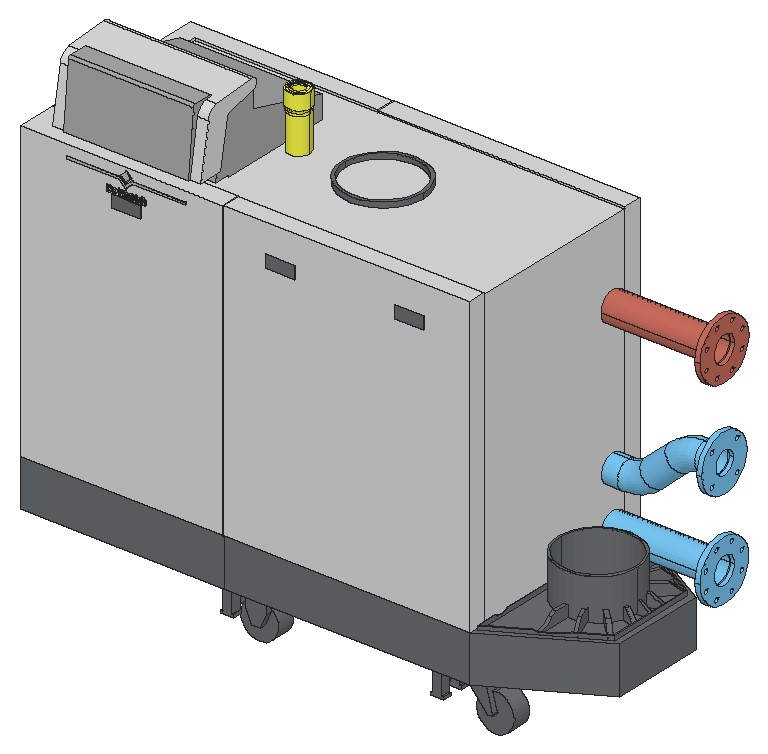
Revit family "HC_Boiler_Condensate Flow_MEPcontent_De Dietrich Thermique_C 340 5-7_Right_FR-FR", category Mechanical Equipment, Revit 2018 (continued)
Definition of nested family "3D Geometry"
  Automatic sketch dimensions
    Extrusion 23 sketch curve to Extrusion 23 sketch curve = 16.5 mm
    Extrusion 77 sketch curve to Extrusion 77 sketch curve = 18.912 mm
    Extrusion 77 sketch curve to Extrusion 77 sketch curve = 49 mm
    Extrusion 77 sketch curve to Extrusion 77 sketch curve = 9.081 mm
    Extrusion 77 sketch curve to Extrusion 77 sketch curve = 39.5 mm
    Extrusion 77 sketch curve to Extrusion 77 sketch curve = 5.937 mm
    Extrusion 77 sketch curve to Extrusion 77 sketch curve = 41.792 mm
    Extrusion 77 sketch curve to Extrusion 77 sketch curve = 16.5 mm
    Extrusion 63 sketch curve to Extrusion 63 sketch curve = 36.906 mm
    Extrusion 63 sketch curve to Extrusion 63 sketch curve = 80.124 mm
    Extrusion 63 sketch curve to Extrusion 63 sketch curve = 35.459 mm
    Extrusion 63 sketch curve to Extrusion 63 sketch curve = 7.118 mm
    Extrusion 63 sketch curve to Extrusion 63 sketch curve = 97.378 mm
    Extrusion 63 sketch curve to Extrusion 63 sketch curve = 1.547 mm
    Extrusion 63 sketch curve to Extrusion 63 sketch curve = 4.594 mm
    Extrusion 64 sketch curve to Extrusion 64 sketch curve = 1.627 mm
    Extrusion 64 sketch curve to Extrusion 64 sketch curve = 7.97 mm
    Extrusion 64 sketch curve to Extrusion 64 sketch curve = 7.089 mm
    Extrusion 64 sketch curve to Extrusion 64 sketch curve = 42.996 mm
    Extrusion 64 sketch curve to Extrusion 64 sketch curve = 79.805 mm
    Extrusion 64 sketch curve to Extrusion 64 sketch curve = 0.319 mm
    Extrusion 64 sketch curve to Extrusion 64 sketch curve = 20.45 mm
    Extrusion 64 sketch curve to Extrusion 64 sketch curve = 3.26 mm
    Extrusion 73 sketch curve to Extrusion 73 sketch curve = 33.205 mm
    Extrusion 73 sketch curve to Extrusion 73 sketch curve = 7.118 mm
    Extrusion 73 sketch curve to Extrusion 73 sketch curve = 53.211 mm
    Extrusion 73 sketch curve to Extrusion 73 sketch curve = 98.925 mm
    Extrusion 73 sketch curve to Extrusion 73 sketch curve = 4.594 mm
    Extrusion 73 sketch curve to Extrusion 73 sketch curve = 9.768 mm
    Extrusion 74 sketch curve to Extrusion 74 sketch curve = 284.248 mm
    Extrusion 74 sketch curve to Extrusion 74 sketch curve = 83 mm
    Extrusion 76 sketch curve to Extrusion 76 sketch curve = 285.248 mm
    Extrusion 76 sketch curve to Extrusion 76 sketch curve = 15.909 mm
    Extrusion 76 sketch curve to Extrusion 76 sketch curve = 100.399 mm
    Extrusion 76 sketch curve to Extrusion 76 sketch curve = 47.921 mm
    Extrusion 76 sketch curve to Extrusion 76 sketch curve = 5.29 mm
    Extrusion 76 sketch curve to Extrusion 76 sketch curve = 139.954 mm
    Extrusion 76 sketch curve to Extrusion 76 sketch curve = 3.486 mm
    Extrusion 76 sketch curve to Extrusion 76 sketch curve = 79.124 mm
    Extrusion 76 sketch curve to Extrusion 76 sketch curve = 77 mm
    Extrusion 78 sketch curve to Extrusion 78 sketch curve = 15.909 mm
    Extrusion 78 sketch curve to Extrusion 78 sketch curve = 47.747 mm
    Extrusion 78 sketch curve to Extrusion 78 sketch curve = 5.464 mm
    Extrusion 78 sketch curve to Extrusion 78 sketch curve = 3.486 mm
    Extrusion 78 sketch curve to Extrusion 78 sketch curve = 80.309 mm
    Extrusion 78 sketch curve to Extrusion 78 sketch curve = 83 mm
    Extrusion 68 sketch curve to Extrusion 68 sketch curve = 285.248 mm
    Extrusion 68 sketch curve to Extrusion 68 sketch curve = 77 mm
    Extrusion 68 sketch curve to Extrusion 68 sketch curve = 157.205 mm
    Extrusion 1 sketch curve to Extrusion 1 sketch curve = 673.5 mm  (x2)
    Extrusion 1 sketch curve to Extrusion 1 sketch curve = 817.658 mm
    Extrusion 1 sketch curve to Extrusion 1 sketch curve = 0 mm
    Extrusion 1 sketch curve to Extrusion 1 sketch curve = 341.842 mm
    Extrusion 1 sketch curve to Extrusion 1 sketch curve = 197.53 mm
    Extrusion 1 sketch curve to Extrusion 1 sketch curve = 312.939 mm
    Extrusion 1 sketch curve to Extrusion 1 sketch curve = 707 mm
    Extrusion 3 sketch curve to Extrusion 3 sketch curve = 91.304 mm
    Extrusion 3 sketch curve to Extrusion 3 sketch curve = 75 mm
    Extrusion 3 sketch curve to Extrusion 3 sketch curve = 6.495 mm
    Extrusion 4 sketch curve to Extrusion 4 sketch curve = 85 mm
    Extrusion 5 sketch curve to Extrusion 5 sketch curve = 85 mm
    Extrusion 7 sketch curve to Extrusion 7 sketch curve = 91.304 mm
    Extrusion 7 sketch curve to Extrusion 7 sketch curve = 24.465 mm
    Extrusion 7 sketch curve to Extrusion 7 sketch curve = 75 mm
    Extrusion 8 sketch curve to Extrusion 8 sketch curve = 85 mm
    Extrusion 9 sketch curve to Extrusion 9 sketch curve = 85 mm
    Extrusion 11 sketch curve to Extrusion 11 sketch curve = 47.128 mm
    Extrusion 12 sketch curve to Extrusion 12 sketch curve = 85 mm
    Extrusion 13 sketch curve to Extrusion 13 sketch curve = 85 mm
    Extrusion 15 sketch curve to Extrusion 15 sketch curve = 57.896 mm  (x2)
    Extrusion 15 sketch curve to Extrusion 15 sketch curve = 47.128 mm
    Extrusion 16 sketch curve to Extrusion 16 sketch curve = 85 mm
    Extrusion 17 sketch curve to Extrusion 17 sketch curve = 85 mm
    Extrusion 18 sketch curve to Extrusion 18 sketch curve = 61.5 mm
    Extrusion 18 sketch curve to Extrusion 18 sketch curve = 612 mm  (x2)
    Extrusion 18 sketch curve to Extrusion 18 sketch curve = 816.5 mm
    Extrusion 18 sketch curve to Extrusion 18 sketch curve = 62 mm
    Extrusion 18 sketch curve to Extrusion 18 sketch curve = 584 mm
    Extrusion 18 sketch curve to Extrusion 18 sketch curve = 61 mm
    Extrusion 19 sketch curve to Extrusion 19 sketch curve = 612 mm
    Extrusion 19 sketch curve to Extrusion 19 sketch curve = 816.5 mm
    Extrusion 19 sketch curve to Extrusion 19 sketch curve = 584 mm
    Extrusion 20 sketch curve to Extrusion 20 sketch curve = 37.233 mm
    Extrusion 20 sketch curve to Extrusion 20 sketch curve = 120 mm
    Extrusion 20 sketch curve to Extrusion 20 sketch curve = 30 mm
    Extrusion 22 sketch curve to Extrusion 22 sketch curve = 429 mm
    Extrusion 22 sketch curve to Extrusion 22 sketch curve = 983 mm
    Extrusion 24 sketch curve to Extrusion 24 sketch curve = 66.258 mm
    Extrusion 24 sketch curve to Extrusion 24 sketch curve = 10 mm
    Extrusion 25 sketch curve to Extrusion 25 sketch curve = 32 mm
    Extrusion 26 sketch curve to Extrusion 26 sketch curve = 33.398 mm
    Extrusion 27 sketch curve to Extrusion 27 sketch curve = 39.5 mm
    Extrusion 28 sketch curve to Extrusion 28 sketch curve = 11.726 mm
    Extrusion 29 sketch curve to Extrusion 29 sketch curve = 30.603 mm
    Extrusion 30 sketch curve to Extrusion 30 sketch curve = 28.658 mm
    Extrusion 31 sketch curve to Extrusion 31 sketch curve = 304 mm
    Extrusion 31 sketch curve to Extrusion 31 sketch curve = 174.008 mm
    Extrusion 31 sketch curve to Extrusion 31 sketch curve = 297.874 mm
    Extrusion 31 sketch curve to Extrusion 31 sketch curve = 174.742 mm
    Extrusion 35 sketch curve to Extrusion 35 sketch curve = 0 mm
    Extrusion 36 sketch curve to Extrusion 36 sketch curve = 0 mm
    Extrusion 39 sketch curve to Extrusion 39 sketch curve = 692 mm
    Extrusion 39 sketch curve to Extrusion 39 sketch curve = 0 mm
    Extrusion 39 sketch curve to Extrusion 39 sketch curve = 1130.903 mm
    Extrusion 39 sketch curve to Extrusion 39 sketch curve = 7.097 mm
    Extrusion 40 sketch curve to Extrusion 40 sketch curve = 30.5 mm
    Extrusion 40 sketch curve to Extrusion 40 sketch curve = 63.274 mm  (x2)
    Extrusion 40 sketch curve to Extrusion 40 sketch curve = 41.226 mm  (x2)
    Extrusion 40 sketch curve to Extrusion 40 sketch curve = 74 mm
    Extrusion 40 sketch curve to Extrusion 40 sketch curve = 61 mm  (x2)
    Extrusion 41 sketch curve to Extrusion 41 sketch curve = 32.774 mm
    Extrusion 41 sketch curve to Extrusion 41 sketch curve = 63.274 mm  (x2)
    Extrusion 41 sketch curve to Extrusion 41 sketch curve = 41.226 mm  (x2)
    Extrusion 41 sketch curve to Extrusion 41 sketch curve = 30.5 mm
    Extrusion 41 sketch curve to Extrusion 41 sketch curve = 61 mm  (x2)
    Extrusion 44 sketch curve to Extrusion 44 sketch curve = 813.158 mm
    Extrusion 44 sketch curve to Extrusion 44 sketch curve = 0 mm
    Extrusion 44 sketch curve to Extrusion 44 sketch curve = 673.5 mm
    Extrusion 44 sketch curve to Extrusion 44 sketch curve = 341.43 mm
    Extrusion 44 sketch curve to Extrusion 44 sketch curve = 313.506 mm
    Extrusion 44 sketch curve to Extrusion 44 sketch curve = 196.202 mm
    Extrusion 46 sketch curve to Extrusion 46 sketch curve = 91.304 mm
    Extrusion 48 sketch curve to Extrusion 48 sketch curve = 91.304 mm
    Extrusion 50 sketch curve to Extrusion 50 sketch curve = 57.896 mm
    Extrusion 52 sketch curve to Extrusion 52 sketch curve = 57.896 mm
    Extrusion 53 sketch curve to Extrusion 53 sketch curve = 0 mm  (x3)
    Extrusion 59 sketch curve to Extrusion 59 sketch curve = 1490 mm
    Extrusion 59 sketch curve to Extrusion 59 sketch curve = 707 mm
    Extrusion 61 sketch curve to Extrusion 61 sketch curve = 0 mm
    Extrusion 62 sketch curve to Extrusion 62 sketch curve = 30.898 mm
    Extrusion 63 sketch curve to Extrusion 63 sketch curve = 31.869 mm
    Extrusion 63 sketch curve to Extrusion 63 sketch curve = 40.392 mm
    Extrusion 63 sketch curve to Extrusion 63 sketch curve = 12.549 mm
    Extrusion 63 sketch curve to Extrusion 63 sketch curve = 17.682 mm
    Extrusion 63 sketch curve to Extrusion 63 sketch curve = 32.902 mm
    Extrusion 63 sketch curve to Extrusion 63 sketch curve = 10.168 mm
    Extrusion 63 sketch curve to Extrusion 63 sketch curve = 149.295 mm
    Extrusion 64 sketch curve to Extrusion 64 sketch curve = 16.81 mm
    Extrusion 64 sketch curve to Extrusion 64 sketch curve = 39.392 mm
    Extrusion 64 sketch curve to Extrusion 64 sketch curve = 1.789 mm
    Extrusion 64 sketch curve to Extrusion 64 sketch curve = 7.311 mm
    Extrusion 64 sketch curve to Extrusion 64 sketch curve = 29.951 mm
    Extrusion 64 sketch curve to Extrusion 64 sketch curve = 167.794 mm
    Extrusion 64 sketch curve to Extrusion 64 sketch curve = 1.809 mm
    Extrusion 67 sketch curve to Extrusion 67 sketch curve = 20.005 mm
    Extrusion 67 sketch curve to Extrusion 67 sketch curve = 5 mm
    Extrusion 67 sketch curve to Extrusion 67 sketch curve = 182.317 mm
    Extrusion 67 sketch curve to Extrusion 67 sketch curve = 27.738 mm
    Extrusion 67 sketch curve to Extrusion 67 sketch curve = 6.714 mm
    Extrusion 69 sketch curve to Extrusion 69 sketch curve = 1.627 mm
    Extrusion 69 sketch curve to Extrusion 69 sketch curve = 16.81 mm
    Extrusion 69 sketch curve to Extrusion 69 sketch curve = 1.809 mm
    Extrusion 69 sketch curve to Extrusion 69 sketch curve = 167.794 mm
    Extrusion 69 sketch curve to Extrusion 69 sketch curve = 29.951 mm
    Extrusion 70 sketch curve to Extrusion 70 sketch curve = 31.869 mm
    Extrusion 70 sketch curve to Extrusion 70 sketch curve = 150.507 mm
    Extrusion 70 sketch curve to Extrusion 70 sketch curve = 27.738 mm
    Extrusion 70 sketch curve to Extrusion 70 sketch curve = 17.145 mm
    Extrusion 72 sketch curve to Extrusion 72 sketch curve = 470 mm
    Extrusion 72 sketch curve to Extrusion 72 sketch curve = 0 mm
    Extrusion 73 sketch curve to Extrusion 73 sketch curve = 10.431 mm
    Extrusion 73 sketch curve to Extrusion 73 sketch curve = 27.738 mm
    Extrusion 73 sketch curve to Extrusion 73 sketch curve = 182.317 mm
    Extrusion 73 sketch curve to Extrusion 73 sketch curve = 5 mm
    Extrusion 74 sketch curve to Extrusion 74 sketch curve = 74.205 mm
    Extrusion 75 sketch curve to Extrusion 75 sketch curve = 0 mm  (x2)
    Extrusion 75 sketch curve to Extrusion 75 sketch curve = 320 mm
    Extrusion 75 sketch curve to Extrusion 75 sketch curve = 337 mm
    Extrusion 76 sketch curve to Extrusion 76 sketch curve = 39.392 mm
    Extrusion 76 sketch curve to Extrusion 76 sketch curve = 12.549 mm
    Extrusion 76 sketch curve to Extrusion 76 sketch curve = 32.902 mm
    Extrusion 76 sketch curve to Extrusion 76 sketch curve = 99.795 mm
    Extrusion 76 sketch curve to Extrusion 76 sketch curve = 80.205 mm
    Extrusion 76 sketch curve to Extrusion 76 sketch curve = 29 mm
    Extrusion 76 sketch curve to Extrusion 76 sketch curve = 30 mm
    Extrusion 78 sketch curve to Extrusion 78 sketch curve = 284.248 mm
    Extrusion 78 sketch curve to Extrusion 78 sketch curve = 100.399 mm
    Extrusion 78 sketch curve to Extrusion 78 sketch curve = 139.954 mm
    Extrusion 78 sketch curve to Extrusion 78 sketch curve = 40.392 mm
    Extrusion 78 sketch curve to Extrusion 78 sketch curve = 5 mm
    Extrusion 78 sketch curve to Extrusion 78 sketch curve = 30 mm
    Extrusion 78 sketch curve to Extrusion 78 sketch curve = 152.205 mm
    Extrusion 78 sketch curve to Extrusion 78 sketch curve = 46.185 mm
    Extrusion 78 sketch curve to Extrusion 78 sketch curve = 8.158 mm
    Extrusion 78 sketch curve to Extrusion 78 sketch curve = 99.795 mm
    Extrusion 1 sketch curve to plane 5 = 0 mm
    Extrusion 1 sketch curve to plane 6 = 0 mm
    level to Extrusion 2 sketch curve = 62.222 mm
    Extrusion 2 sketch curve to plane 11 = 40.479 mm
    Extrusion 3 sketch curve to plane 9 = 0 mm
    plane 11 to Extrusion 3 sketch curve = 54.5 mm
    Extrusion 4 sketch curve to plane 9 = 0 mm
    plane 11 to Extrusion 4 sketch curve = 149.713 mm
    Extrusion 5 sketch curve to plane 9 = 0 mm
    plane 11 to Extrusion 5 sketch curve = 107.287 mm
    level to Extrusion 6 sketch curve = 62.222 mm
    Extrusion 6 sketch curve to plane 11 = 40.479 mm
    Extrusion 7 sketch curve to plane 9 = 0 mm
    Extrusion 7 sketch curve to plane 11 = 44.965 mm
    Extrusion 8 sketch curve to plane 9 = 0 mm
    plane 11 to Extrusion 8 sketch curve = 107.287 mm
    Extrusion 9 sketch curve to plane 9 = 0 mm
    plane 11 to Extrusion 9 sketch curve = 149.713 mm
    level to Extrusion 10 sketch curve = 62.222 mm
    Extrusion 10 sketch curve to plane 18 = 171.328 mm
    Extrusion 11 sketch curve to plane 9 = 0 mm
    Extrusion 11 sketch curve to plane 18 = 206.336 mm
    Extrusion 12 sketch curve to plane 9 = 0 mm
    Extrusion 12 sketch curve to plane 18 = 275.213 mm
    Extrusion 13 sketch curve to plane 9 = 0 mm
    Extrusion 13 sketch curve to plane 18 = 232.787 mm
    level to Extrusion 14 sketch curve = 62.222 mm
    Extrusion 14 sketch curve to plane 18 = 171.328 mm
    Extrusion 15 sketch curve to plane 9 = 0 mm
    Extrusion 15 sketch curve to plane 18 = 136.32 mm
    Extrusion 16 sketch curve to plane 9 = 0 mm
    Extrusion 16 sketch curve to plane 18 = 232.787 mm
    Extrusion 17 sketch curve to plane 9 = 0 mm
    Extrusion 17 sketch curve to plane 18 = 275.213 mm
    Extrusion 18 sketch curve to plane 5 = 0 mm
    Extrusion 18 sketch curve to plane 6 = 0 mm
    Extrusion 19 sketch curve to plane 11 = 0 mm
    Extrusion 19 sketch curve to plane 15 = 53 mm
    Extrusion 20 sketch curve to plane 9 = 0 mm
    Extrusion 20 sketch curve to plane 18 = 443 mm
    Extrusion 22 sketch curve to plane 10 = 0 mm
    plane 7 to Extrusion 22 sketch curve = 138.5 mm
    Extrusion 24 sketch curve to plane 15 = 7.211 mm
    Extrusion 24 sketch curve to plane 14 = 56 mm
    Extrusion 25 sketch curve to plane 14 = 56 mm
    Extrusion 26 sketch curve to plane 14 = 56 mm
    Extrusion 27 sketch curve to plane 14 = 56 mm
    plane 4 to Extrusion 28 sketch curve = 53.912 mm
    Extrusion 28 sketch curve to plane 14 = 56 mm
    Extrusion 29 sketch curve to plane 14 = 56 mm
    Extrusion 30 sketch curve to plane 14 = 53.5 mm
    Extrusion 31 sketch curve to plane 11 = 9 mm
    Extrusion 31 sketch curve to plane 6 = 24.132 mm
    plane 1 "Center (Front/Back)" to Extrusion 32 sketch curve = 0 mm
    Extrusion 32 sketch curve to plane 11 = 144.515 mm
    Extrusion 33 sketch curve to plane 14 = 0 mm
    Extrusion 33 sketch curve to plane 15 = 0 mm
    Extrusion 34 sketch curve to plane 12 = 0 mm
    Extrusion 34 sketch curve to plane 15 = 0 mm
    Extrusion 35 sketch curve to plane 17 = 0 mm
    Extrusion 35 sketch curve to plane 18 = 0 mm
    Extrusion 36 sketch curve to plane 17 = 0 mm
    Extrusion 36 sketch curve to plane 18 = 279 mm
    plane 1 "Center (Front/Back)" to Extrusion 37 sketch curve = 0 mm
    Extrusion 37 sketch curve to plane 5 = 434.178 mm
    Extrusion 39 sketch curve to plane 7 = 0 mm
    Extrusion 39 sketch curve to plane 9 = 0 mm
    Extrusion 40 sketch curve to plane 12 = 0 mm
    Extrusion 40 sketch curve to plane 15 = 0 mm
    Extrusion 41 sketch curve to plane 14 = 0 mm
    Extrusion 41 sketch curve to plane 15 = 0 mm
    Revolve 42 sketch curve to plane 19 = 0 mm
    Revolve 42 sketch curve to plane 18 = 317.829 mm
    Extrusion 43 sketch curve to plane 17 = 0.024 mm
    Extrusion 43 sketch curve to plane 18 = 279 mm
    level to Extrusion 45 sketch curve = 62.222 mm
    Extrusion 45 sketch curve to plane 11 = 40.479 mm
    Extrusion 46 sketch curve to plane 9 = 0 mm
    plane 11 to Extrusion 46 sketch curve = 54.5 mm
    level to Extrusion 47 sketch curve = 62.222 mm
    Extrusion 47 sketch curve to plane 11 = 40.479 mm
    Extrusion 48 sketch curve to plane 9 = 0 mm
    Extrusion 48 sketch curve to plane 11 = 44.965 mm
    plane 1 "Center (Front/Back)" to Extrusion 53 sketch curve = 0 mm
    Extrusion 53 sketch curve to plane 11 = 144.515 mm
    Extrusion 54 sketch curve to Extrusion 54 sketch curve = 0 mm  (x2)
    Extrusion 54 sketch curve to plane 14 = 0 mm
    Extrusion 54 sketch curve to plane 15 = 0 mm
    Extrusion 55 sketch curve to Extrusion 55 sketch curve = 0 mm  (x2)
    Extrusion 55 sketch curve to plane 12 = 0 mm
    Extrusion 55 sketch curve to plane 15 = 0 mm
    Extrusion 57 sketch curve to plane 12 = 0 mm
    Extrusion 57 sketch curve to plane 15 = 0 mm
    Extrusion 58 sketch curve to plane 14 = 0 mm
    Extrusion 58 sketch curve to plane 15 = 0 mm
    Extrusion 59 sketch curve to plane 7 = 0 mm
    Extrusion 59 sketch curve to plane 11 = 0 mm
    Extrusion 60 sketch curve to plane 17 = 0 mm
    plane 18 to Extrusion 60 sketch curve = 0.652 mm
    Extrusion 61 sketch curve to plane 17 = 0 mm
    Extrusion 61 sketch curve to plane 18 = 279 mm
    Extrusion 62 sketch curve to plane 14 = 53.5 mm
    Extrusion 63 sketch curve to plane 8 = 0 mm
    Extrusion 63 sketch curve to plane 5 = 1.627 mm
    Extrusion 64 sketch curve to plane 5 = 0 mm
    Extrusion 64 sketch curve to plane 8 = 7.5 mm
    Extrusion 65 sketch curve to plane 13 = 0 mm
    Extrusion 65 sketch curve to plane 15 = 0 mm
    Extrusion 66 sketch curve to plane 13 = 0 mm
    Extrusion 66 sketch curve to plane 15 = 0 mm
    Extrusion 67 sketch curve to plane 10 = 0 mm
    plane 7 to Extrusion 67 sketch curve = 75.142 mm
    Extrusion 69 sketch curve to plane 7 = 0 mm
    plane 10 to Extrusion 69 sketch curve = 35 mm
    Extrusion 70 sketch curve to plane 8 = 0 mm
    plane 7 to Extrusion 70 sketch curve = 1.627 mm
    plane 1 "Center (Front/Back)" to Extrusion 71 sketch curve = 0 mm
    Extrusion 71 sketch curve to plane 5 = 434.178 mm
    plane 14 to Extrusion 72 sketch curve = 0.016 mm
    plane 7 to Extrusion 72 sketch curve = 122.072 mm
    Extrusion 73 sketch curve to plane 10 = 0 mm
    Extrusion 73 sketch curve to plane 5 = 76.142 mm
    Extrusion 74 sketch curve to plane 10 = 0 mm
    Extrusion 74 sketch curve to plane 5 = 229.752 mm
    Extrusion 75 sketch curve to plane 13 = 0 mm
    Extrusion 75 sketch curve to plane 15 = 0 mm
    Extrusion 76 sketch curve to plane 10 = 0 mm
    Extrusion 76 sketch curve to plane 5 = 0 mm
    Extrusion 78 sketch curve to plane 10 = 0 mm
    Extrusion 78 sketch curve to plane 7 = 0 mm
    Sweep 56 sketch curve to plane 13 = 0 mm
    Sweep 56 sketch curve to plane 11 = 0 mm
    Sweep 56 sketch curve to plane 13 = 18.444 mm
    Sweep 56 sketch curve to plane 13 = 33.991 mm
    plane 4 to Sweep 56 sketch curve = 61.698 mm
    Sweep 56 sketch curve to Sweep 56 sketch curve = 92.309 mm
    Sweep 56 sketch curve to plane 11 = 55.698 mm
    plane 4 to Sweep 56 sketch curve = 17 mm
    Sweep 38 sketch curve to plane 13 = 0 mm
    Sweep 38 sketch curve to plane 13 = 33.719 mm
    Sweep 38 sketch curve to Sweep 38 sketch curve = 77.307 mm
    plane 4 to Sweep 38 sketch curve = 61.199 mm
    Sweep 38 sketch curve to plane 11 = 55.672 mm
    Sweep 38 sketch curve to Sweep 38 sketch curve = 33.719 mm
    plane 4 to Sweep 38 sketch curve = 17 mm
    Extrusion 21 sketch curve to plane 10 = 94.986 mm  (x3)
    Extrusion 21 sketch curve to Extrusion 21 sketch curve = 41.012 mm  (x3)
    Extrusion 21 sketch curve to plane 18 = 8.504 mm
    Extrusion 21 sketch curve to Extrusion 21 sketch curve = 97.004 mm  (x3)
    Extrusion 21 sketch curve to plane 5 = 401.006 mm
    plane 11 to Extrusion 21 sketch curve = 246.999 mm
    radius of Extrusion 32 sketch curve = 125 mm
    radius of Extrusion 32 sketch curve = 132 mm
    radius of Extrusion 33 sketch curve = 44.45 mm
    radius of Extrusion 34 sketch curve = 44.45 mm
    radius of Extrusion 34 sketch curve = 49 mm
    radius of Extrusion 35 sketch curve = 125 mm
    radius of Extrusion 36 sketch curve = 30.15 mm
    radius of Extrusion 36 sketch curve = 35 mm
    radius of Extrusion 40 sketch curve = 99.5 mm
    radius of Extrusion 40 sketch curve = 9 mm  (x8)
    radius of Extrusion 40 sketch curve = 44.45 mm
    radius of Extrusion 41 sketch curve = 99.5 mm
    radius of Extrusion 41 sketch curve = 9 mm  (x8)
    radius of Extrusion 43 sketch curve = 25.4 mm
    radius of Extrusion 53 sketch curve = 125 mm
    radius of Extrusion 53 sketch curve = 132 mm
    radius of Extrusion 54 sketch curve = 44.45 mm
    radius of Extrusion 55 sketch curve = 44.45 mm
    radius of Extrusion 55 sketch curve = 49 mm
    radius of Sweep 56 sketch curve = 45.7 mm
    radius of Sweep 56 sketch curve = 38.05 mm
    radius of Extrusion 57 sketch curve = 99.5 mm
    radius of Extrusion 57 sketch curve = 44.45 mm
    radius of Extrusion 58 sketch curve = 99.5 mm
    radius of Extrusion 60 sketch curve = 125 mm
    radius of Extrusion 60 sketch curve = 135 mm
    radius of Extrusion 61 sketch curve = 30.15 mm
    radius of Extrusion 61 sketch curve = 35 mm
    radius of Extrusion 65 sketch curve = 92.5 mm
    radius of Extrusion 65 sketch curve = 9 mm  (x4)
    radius of Extrusion 65 sketch curve = 38.05 mm
    radius of Extrusion 66 sketch curve = 92.5 mm
    radius of Extrusion 66 sketch curve = 38.05 mm
    radius of Extrusion 72 sketch curve = 49 mm  (x2)
    radius of Sweep 38 sketch curve = 45.7 mm
    radius of Sweep 38 sketch curve = 38.05 mm
    radius of Extrusion 75 sketch curve = 10 mm  (x3)
  Nested families
    nested 1: "Type" at (578.496, -353.5, 1260.013) x (-1, 0, 0) z (0, 0, 1), type "Type", detail levels fine
  Definition of nested family "Type"
    Parameters (values of type "Type")
      Watermarked By = "http://revitwatermark.com"
      Type Comments = ""
      Logo = none
      Keynote = "﻿﻿           ﻿     ﻿                                      ​         ​                                               ﻿﻿"
      Description = "﻿﻿           ﻿     ﻿                                      ​         ​                                               ﻿﻿"
      Assembly Code = "﻿﻿           ﻿     ﻿                                      ​         ​                                               ﻿﻿"
    Reference planes
      plane 1 "Center (Front/Back)": y = 0
      plane 2: z = 0
      plane 3 "Center (Left/Right)": x = 0
    Forms (mm)
      Extrusion 1, solid, material <- "Logo", detail levels fine
        sketch origin (0, 0, 0) x (1, 0, 0) y (0, 0, 1)
          loop
            line (-196.514, -7.625) -> (-24.589, -7.626)
            arc (-24.589, -7.626) -> (-21.719, -8.196) -> (-19.286, -9.822) r 7.5
            line (-19.286, -9.822) -> (-1.005, -28.103)
            arc (-1.005, -28.103) -> (0, -28.52) -> (1.005, -28.103) r 1.421
            line (1.005, -28.103) -> (19.286, -9.822)
            arc (19.286, -9.822) -> (21.719, -8.196) -> (24.589, -7.626) r 7.5
            line (24.589, -7.626) -> (196.514, -7.625) -> (197.253, 0) -> (21.224, 0)
            arc (21.224, 0) -> (18.546, -0.533) -> (16.275, -2.05) r 7
            line (16.275, -2.05) -> (1.131, -17.189)
            arc (1.131, -17.189) -> (0, -17.658) -> (-1.131, -17.189) r 1.6
            line (-1.131, -17.189) -> (-16.288, -2.036)
            arc (-16.288, -2.036) -> (-18.544, -0.529) -> (-21.204, 0) r 6.953
            line (-21.204, 0) -> (-197.253, 0) -> (-196.514, -7.625)
          loop
            line (-1.11, 21.527) -> (-15.551, 7.087)
            arc (-15.551, 7.087) -> (-16.018, 5.958) -> (-15.551, 4.83) r 1.596
            line (-15.551, 4.83) -> (-1.098, -9.622)
            arc (-1.098, -9.622) -> (0, -10.078) -> (1.098, -9.622) r 1.553
            line (1.098, -9.622) -> (15.572, 4.851)
            arc (15.572, 4.851) -> (16.03, 5.958) -> (15.572, 7.066) r 1.567
            line (15.572, 7.066) -> (1.11, 21.527)
            arc (1.11, 21.527) -> (0, 21.987) -> (-1.11, 21.527) r 1.57
          loop
            line (-65.002, -56.947) -> (-56.173, -56.947)
            arc (-56.173, -56.947) -> (-52.492, -55.922) -> (-49.873, -53.14) r 7.116
            arc (-49.873, -53.14) -> (-48.304, -47.023) -> (-49.644, -40.852) r 13.704
            arc (-49.644, -40.852) -> (-52.116, -38.077) -> (-55.686, -37.046) r 6.698
            line (-55.686, -37.046) -> (-65.002, -37.046) -> (-65.002, -56.947)
          loop
            line (-56.569, -40.154) -> (-61.239, -40.17) -> (-61.239, -53.823) -> (-56.958, -53.836)
            arc (-56.958, -53.836) -> (-54.725, -53.2) -> (-53.174, -51.472) r 4.19
            arc (-53.174, -51.472) -> (-52.089, -47.096) -> (-52.863, -42.655) r 10.928
            arc (-52.863, -42.655) -> (-54.332, -40.835) -> (-56.569, -40.154) r 3.976
          loop
            line (-7.094, -56.947) -> (-3.25, -56.947) -> (-3.25, -42.309) -> (-7.094, -42.309) -> (-7.094, -56.947)
          loop
            line (-7.094, -37.559) -> (-7.094, -41.061) -> (-3.25, -41.061) -> (-3.25, -37.559) -> (-7.094, -37.559)
          loop
            arc (8.081, -52.623) -> (4.356, -53.987) -> (2.246, -50.628) r 3.152
            line (2.246, -50.628) -> (11.888, -50.628)
            arc (11.888, -50.628) -> (11.883, -47.453) -> (10.698, -44.508) r 8.381
            arc (10.698, -44.508) -> (8.305, -42.384) -> (5.158, -41.806) r 5.956
            arc (5.158, -41.806) -> (2.687, -42.33) -> (0.409, -43.422) r 10.638
            arc (0.409, -43.422) -> (-1.271, -46.121) -> (-1.828, -49.251) r 8.409
            arc (-1.828, -49.251) -> (-1.504, -51.935) -> (-0.619, -54.49) r 12.713
            arc (-0.619, -54.49) -> (1.993, -56.656) -> (5.331, -57.264) r 6.695
            arc (5.331, -57.264) -> (9.352, -56.112) -> (11.661, -52.623) r 6.042
            line (11.661, -52.623) -> (8.081, -52.623)
          loop
            arc (13.888, -54.438) -> (14.683, -56.356) -> (16.601, -57.15) r 2.712
            line (16.601, -57.15) -> (20.12, -57.15) -> (20.12, -54.098) -> (18.734, -54.098)
            arc (18.734, -54.098) -> (18.026, -53.804) -> (17.732, -53.096) r 1.002
            line (17.732, -53.096) -> (17.732, -44.972) -> (20.12, -44.972) -> (20.12, -42.201) -> (17.732, -42.201) -> (17.732, -38.209) -> (13.888, -38.209) -> (13.888, -54.438)
          loop
            line (21.856, -56.947) -> (25.699, -56.947) -> (25.699, -48.765)
            arc (25.699, -48.765) -> (26.547, -46.719) -> (28.592, -45.872) r 2.893
            line (28.592, -45.872) -> (30.338, -45.872) -> (30.338, -41.773) -> (29.3, -41.773)
            arc (29.3, -41.773) -> (26.972, -42.53) -> (25.534, -44.511) r 3.958
            line (25.534, -44.511) -> (25.534, -42.201) -> (21.856, -42.201) -> (21.856, -56.947)
          loop
            line (31.267, -56.947) -> (35.111, -56.947) -> (35.111, -42.309) -> (31.267, -42.309) -> (31.267, -56.947)
          loop
            line (31.267, -37.559) -> (31.267, -41.061) -> (35.111, -41.061) -> (35.111, -37.559) -> (31.267, -37.559)
          loop
            line (51.797, -56.947) -> (55.641, -56.947) -> (55.641, -47.837)
            arc (55.641, -47.837) -> (58.399, -45.079) -> (61.158, -47.837) r 2.759
            line (61.158, -47.837) -> (61.158, -56.947) -> (65.002, -56.947) -> (65.002, -46.747)
            arc (65.002, -46.747) -> (63.569, -43.289) -> (60.111, -41.856) r 4.89
            arc (60.111, -41.856) -> (57.65, -42.396) -> (55.641, -43.917) r 5.879
            line (55.641, -43.917) -> (55.641, -37.045) -> (51.797, -37.045) -> (51.797, -56.947)
          loop
            arc (50.107, -47.467) -> (48.16, -43.271) -> (43.783, -41.773) r 5.893
            arc (43.783, -41.773) -> (40.733, -42.391) -> (38.282, -44.309) r 6.766
            arc (38.282, -44.309) -> (37.092, -47.026) -> (36.764, -49.974) r 9.864
            arc (36.764, -49.974) -> (37.886, -54.202) -> (41.292, -56.947) r 7.027
            arc (41.292, -56.947) -> (44.147, -57.392) -> (46.94, -56.651) r 7.027
            arc (46.94, -56.651) -> (49.227, -54.554) -> (50.075, -51.569) r 5.697
            line (50.075, -51.569) -> (46.547, -51.569)
            arc (46.547, -51.569) -> (44.325, -54.292) -> (41.212, -52.662) r 2.779
            arc (41.212, -52.662) -> (40.634, -48.941) -> (41.911, -45.398) r 7.611
            arc (41.911, -45.398) -> (44.905, -44.925) -> (46.555, -47.467) r 2.783
            line (46.555, -47.467) -> (50.107, -47.467)
          loop
            line (-42.468, -48.405) -> (-35.879, -48.405)
            arc (-35.879, -48.405) -> (-39.174, -45.11) -> (-42.468, -48.405) r 3.294
          loop
            arc (-32.423, -50.628) -> (-32.428, -47.453) -> (-33.613, -44.508) r 8.381
            arc (-33.613, -44.508) -> (-36.006, -42.384) -> (-39.153, -41.806) r 5.956
            arc (-39.153, -41.806) -> (-41.624, -42.33) -> (-43.901, -43.422) r 10.638
            arc (-43.901, -43.422) -> (-45.581, -46.121) -> (-46.139, -49.251) r 8.409
            arc (-46.139, -49.251) -> (-45.814, -51.935) -> (-44.929, -54.49) r 12.713
            arc (-44.929, -54.49) -> (-42.318, -56.656) -> (-38.98, -57.264) r 6.695
            arc (-38.98, -57.264) -> (-34.958, -56.112) -> (-32.649, -52.623) r 6.042
            line (-32.649, -52.623) -> (-36.23, -52.623)
            arc (-36.23, -52.623) -> (-39.954, -53.987) -> (-42.064, -50.628) r 3.152
            line (-42.064, -50.628) -> (-32.423, -50.628)
          loop
            line (-25.689, -56.947) -> (-16.86, -56.947)
            arc (-16.86, -56.947) -> (-13.179, -55.922) -> (-10.56, -53.14) r 7.116
            arc (-10.56, -53.14) -> (-8.991, -47.023) -> (-10.331, -40.852) r 13.704
            arc (-10.331, -40.852) -> (-12.803, -38.077) -> (-16.373, -37.046) r 6.698
            line (-16.373, -37.046) -> (-25.689, -37.046) -> (-25.689, -56.947)
          loop
            line (-17.256, -40.154) -> (-21.926, -40.17) -> (-21.926, -53.823) -> (-17.645, -53.836)
            arc (-17.645, -53.836) -> (-15.412, -53.2) -> (-13.861, -51.472) r 4.19
            arc (-13.861, -51.472) -> (-12.777, -47.096) -> (-13.551, -42.655) r 10.928
            arc (-13.551, -42.655) -> (-15.019, -40.835) -> (-17.256, -40.154) r 3.976
          loop
            line (1.843, -48.405) -> (8.431, -48.405)
            arc (8.431, -48.405) -> (5.137, -45.11) -> (1.843, -48.405) r 3.294
        from 0 to 2
    Dimensions and locks
      aligned and locked: level to plane 2
Definition of nested family "Service Space"
  Parameters (values of type "Service Space")
    Depth = 1833 mm
    Watermarked By = "www.stabiplan.com"
    URL = "www.stabiplan.com"
    Type Comments = "﻿﻿                           ​​               ​  ​     ﻿         ﻿      ​                         ​     ​              ​         ﻿﻿   ﻿       ​            ​  ​  ​                      ﻿﻿"
    Show Service Area [instance] = yes
    Top Clearance = 80 mm
    Right Clearance = 800 mm
    Left Clearance = 800 mm
    Keynote = "﻿﻿                           ​​               ​  ​     ﻿         ﻿      ​                         ​     ​              ​         ﻿﻿   ﻿       ​            ​  ​  ​                      ﻿﻿"
    Glass = none
    Front Clearance = 300 mm
    Bottom Clearance = 0 mm
    Model = ""
    Manufacturer = ""
    Width = 716 mm
    Height = 1500 mm
    Description = "﻿﻿                           ​​               ​  ​     ﻿         ﻿      ​                         ​     ​              ​         ﻿﻿   ﻿       ​            ​  ​  ​                      ﻿﻿"
    Manufacturer URL = ""
    Copyright = "© Stabiplan BV / Stabiplan International BV"  # constant formula
    Back Clearance = 800 mm
    Assembly Code = "﻿﻿                           ​​               ​  ​     ﻿         ﻿      ​                         ​     ​              ​         ﻿﻿   ﻿       ​            ​  ​  ​                      ﻿﻿"
  Reference planes
    plane 1 "Center (Front/Back)": y = 0
    plane 2: z = 0
    plane 3 "Center (Left/Right)": x = 0
    plane 4: x = 358
    plane 5: x = -358
    plane 6: z = 0
    plane 7: z = 1500
    plane 8: x = -353
    plane 9: x = 353
    plane 10: z = -20
    plane 11: y = -1216.5
    plane 12: x = 1158
    plane 13: x = -1158
    plane 14: z = 1580
    plane 15: y = 916.5
    plane 16: y = -916.5
    plane 17: y = 1716.5
  Forms (mm)
    Extrusion 1, solid, material <- "Glass", visible <- "Show Service Area"
      sketch origin (0, 0, 0) x (1, 0, 0) y (0, 1, 0)
        loop
          line (-1158, 1716.5) -> (-1158, -1216.5) -> (1158, -1216.5) -> (1158, 1716.5) -> (-1158, 1716.5)
      from 0 to 1580
  Dimensions and locks
    equal spacing: plane 5, plane 3 "Center (Left/Right)", plane 4
    "Width": plane 5 to plane 4
    "Bottom Clearance": plane 6 to plane 2
    "Height": plane 7 to plane 6
    locked: plane 8 to plane 5 at 5
    locked: plane 9 to plane 4 at 5
    locked: plane 6 to plane 10 at 20
    "Right Clearance": plane 12 to plane 4
    "Left Clearance": plane 13 to plane 5
    "Top Clearance": plane 14 to plane 7
    equal spacing: plane 16, plane 1 "Center (Front/Back)", plane 15
    "Back Clearance": plane 17 to plane 15
    "Depth": plane 15 to plane 16
    "Front Clearance": plane 11 to plane 16
    aligned and locked: level to plane 2
    aligned and locked: Extrusion 1 to plane 14
    aligned and locked: Extrusion 1 to plane 17
  Automatic sketch dimensions
    Extrusion 1 sketch curve to plane 13 = 0 mm
    plane 11 to Extrusion 1 sketch curve = 0 mm
    Extrusion 1 sketch curve to plane 12 = 0 mm
    Extrusion 1 sketch curve to plane 1 "Center (Front/Back)" = 1716.5 mm
Types (3, lengths in mm): name | Model | Manufacturer Art. No. | GTIN | Description | Article Type | Article Description
  280 VD | "280 VD" | "7769076" | "8713809338886" | "C 340 - 280 VD" | "280 VD" | "C 340 - 280 VD"
  350 VD | "350 VD" | "7769078" | "8713809338893" | "C 340 - 350 VD" | "350 VD" | "C 340 - 350 VD"
  430 VD | "430 VD" | "7769079" | "8713809338909" | "C 340 - 430 VD" | "430 VD" | "C 340 - 430 VD"
